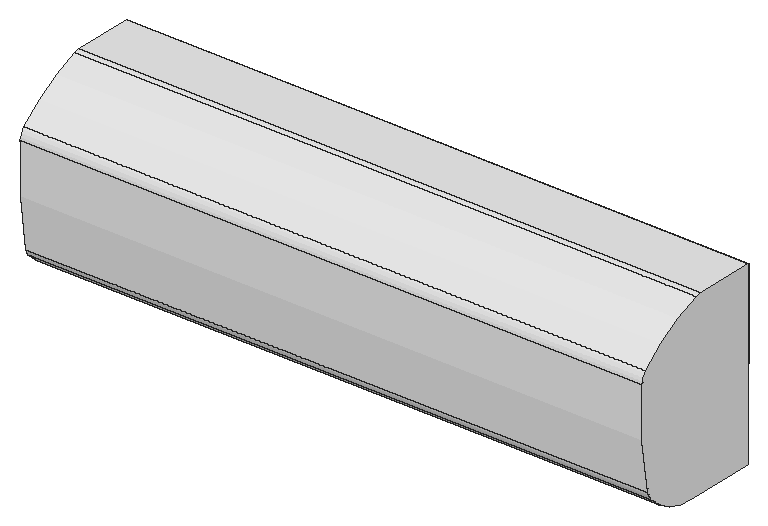
Revit family "Hitachi_RAS-70YHA_RAS-80YHA_VER2_0813", category Mechanical Equipment, Revit 2013
Parameters (values of type "RAS-80YHA3")
  show Overhead Dashed [instance] = no
  show Geometry [instance] = not(show Overhead Dashed)  # yes
  Width = 1150 mm  # constant formula
  Weight (kg) = 16  # constant formula
  URL = "http://www.temperzone.biz"
  Pipe Length (min./max.) = "3m to 30m"
  Pipe Height (max.) = "20m"
  Pipe Connection Size - Gas = 15.9 mm  # 15.90 mm
  Pip Connection Size - Liquid = 6.4 mm  # 6.40 mm
  Model - Outdoor = "RAC-80YHA3"
  Model = "RAS-80YHA3"
  Manufacturer = "Hitachi"
  Height = 333 mm  # constant formula
  Heating Range (kW) = "1.5 kW to 9.7 kW"
  Heating Capacity = 9 kW
  Energy Star = yes
  Description = "Hitachi Wall Mounted 8.0kW Heatpump RAS-80YHA3"
  Depth = 245 mm  # constant formula
  Dehumidifying Capacity = "4.8 l/h"
  Cooling Range (kW) = "1.5 kW to 8.5 kW"
  Cooling Capacity = 8 kW
Types (2, lengths in mm): name | URL | Model - Outdoor | Model | Heating Capacity | Description | Cooling Range (kW) | Cooling Capacity
  RAS-80YHA3 | "http://www.temperzone.biz" | "RAC-80YHA3" | "RAS-80YHA3" | 9 kW | "Hitachi Wall Mounted 8.0kW Heatpump RAS-80YHA3" | "1.5 kW to 8.5 kW" | 8 kW
  RAS-70YHA3 | "www.temperzone.biz" | "RAC-70YHA3" | "RAS-70YHA3" | 8.3 kW | "Hitachi Wall Mounted 7.0kW Heatpump RAS-70YHA3" | "1.5 kW to 8.3 kW" | 7 kW
Reference planes
  plane 1 "Center (Front/Back)": y = -56.817
  plane 2: z = 0
  plane 3 "Center (Left/Right)": x = 0
  plane 4: x = -575
  plane 5: x = 575
  plane 6: z = 1000
Forms (mm)
  Sweep 1, solid, material "Temperzone - Heatpump", visible <- "show Geometry", detail levels coarse
    path origin (4267.2, -762.565, 1000) x (0, -1, 0) y (1, 0, 0)
      loop
        line (-705.748, -3692.2) -> (-705.748, -4842.2)
    profile "RAS-70HA3_RAS-80YHA3_Coarse : Type 1" origin (0, -56.817, 1000) x (0, -1, 0) y (0, 0, 1)
      loop
        line (0, -333) -> (245, -333) -> (245, 0) -> (0, 0) -> (0, -333)
  Sweep 2, solid, material "Temperzone - Heatpump", detail levels coarse
    path origin (4267.2, -762.565, 1000) x (0, -1, 0) y (1, 0, 0)
      loop
        line (-705.748, -3692.2) -> (-705.748, -4842.2)
    profile "RAS-70HA3_RAS-80YHA3_Coarse : Type 1" origin (0, -56.817, 1000) x (0, -1, 0) y (0, 0, 1)
      loop
        line (0, -333) -> (245, -333) -> (245, 0) -> (0, 0) -> (0, -333)
  Sweep 3, solid, material "Temperzone - Heatpump", visible <- "show Geometry", detail levels medium+fine
    path origin (4267.2, -762.565, 1000) x (0, -1, 0) y (1, 0, 0)
      loop
        line (-705.748, -3692.2) -> (-705.748, -4842.2)
    profile "RAS-70HA3_RAS-80YHA3_Medium : Type 1" origin (0, -56.817, 1000) x (0, -1, 0) y (0, 0, 1)
      loop
        line (0, -333) -> (130, -333)
        arc (130, -333) -> (181.52, -322.435) -> (224.724, -292.446) r 130.903
        arc (224.724, -292.446) -> (229.578, -285.683) -> (232.387, -277.847) r 30
        arc (232.387, -277.847) -> (245.243, -185.68) -> (245.784, -92.623) r 701.388
        arc (245.784, -92.623) -> (243.098, -81.911) -> (236.718, -72.897) r 30
        arc (236.718, -72.897) -> (182.234, -30.719) -> (119.798, -1.577) r 310.937
        arc (119.798, -1.577) -> (115.063, -0.397) -> (110.199, 0) r 30
        line (110.199, 0) -> (0, 0) -> (0, -333)
  Sweep 4, solid, material "Temperzone - Heatpump", detail levels medium+fine
    path origin (4267.2, -762.565, 1000) x (0, -1, 0) y (1, 0, 0)
      loop
        line (-705.748, -3692.2) -> (-705.748, -4842.2)
    profile "RAS-70HA3_RAS-80YHA3_Medium : Type 1" origin (0, -56.817, 1000) x (0, -1, 0) y (0, 0, 1)
      loop
        line (0, -333) -> (130, -333)
        arc (130, -333) -> (181.52, -322.435) -> (224.724, -292.446) r 130.903
        arc (224.724, -292.446) -> (229.578, -285.683) -> (232.387, -277.847) r 30
        arc (232.387, -277.847) -> (245.243, -185.68) -> (245.784, -92.623) r 701.388
        arc (245.784, -92.623) -> (243.098, -81.911) -> (236.718, -72.897) r 30
        arc (236.718, -72.897) -> (182.234, -30.719) -> (119.798, -1.577) r 310.937
        arc (119.798, -1.577) -> (115.063, -0.397) -> (110.199, 0) r 30
        line (110.199, 0) -> (0, 0) -> (0, -333)
Lines and regions (mm)
  symbolic lines, style "Overhead", visible <- "show Overhead Dashed"
    curve 1: line (-575, -301.817, 0) -> (-575, -56.817, 0)
    curve 2: line (-575, -301.817, 0) -> (575, -301.817, 0)
    curve 3: line (575, -56.817, 0) -> (-575, -56.817, 0)
    curve 4: line (575, -56.817, 0) -> (575, -301.817, 0)
Dimensions and locks
  equal spacing: plane 4, plane 3 "Center (Left/Right)", plane 5
  plane 4 to plane 5 = 1150 mm
  aligned and locked: level to plane 2
Automatic sketch dimensions
  plane 1 "Center (Front/Back)" to curve 3 = 0 mm
  plane 1 "Center (Front/Back)" to curve 4 = 245 mm
  curve 3 to plane 5 = 0 mm
  curve 1 to plane 4 = 0 mm
  plane 1 "Center (Front/Back)" to Sweep 1 sketch curve = 0 mm
  Sweep 1 sketch curve to plane 4 = 0 mm
  Sweep 1 sketch curve to plane 5 = 0 mm
  plane 1 "Center (Front/Back)" to Sweep 2 sketch curve = 0 mm
  Sweep 2 sketch curve to plane 4 = 0 mm
  Sweep 2 sketch curve to plane 5 = 0 mm
  plane 1 "Center (Front/Back)" to Sweep 3 sketch curve = 0 mm
  Sweep 3 sketch curve to plane 4 = 0 mm
  Sweep 3 sketch curve to plane 5 = 0 mm
  plane 1 "Center (Front/Back)" to Sweep 4 sketch curve = 0 mm
  Sweep 4 sketch curve to plane 4 = 0 mm
  Sweep 4 sketch curve to plane 5 = 0 mm
